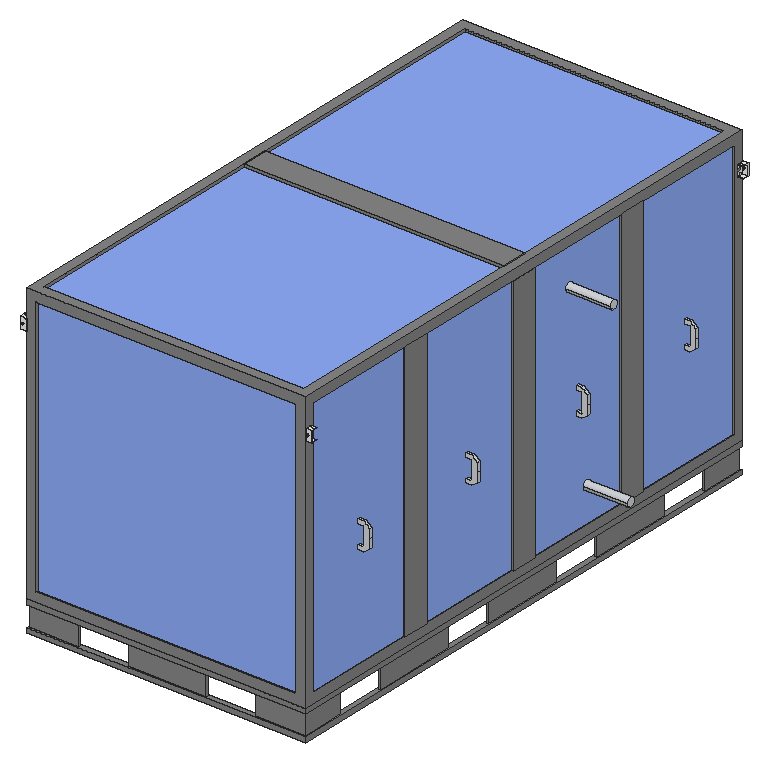
Revit family "34. Секция фильтрования, вод. нагр. и вент. выброс прямо и резервным эл.двигателем ANR A1 REZ", category Оборудование, Revit 2016
Family settings
  Тип детали = Нормальный
  Размер круглого соединителя = Использовать диаметр
  На основе рабочей плоскости = Нет
  Всегда вертикально = Да
  При загрузке вырезать с полостями = Нет
  Общий = Нет
  Точка расчета площади = Нет
Parameters (values of type "ANR 6 A1 REZ")
  Ширина = А - 75 mm  # 1025 mm
  Синий = Синий
  Середина = h + Б1 / 2  # 670 mm
  Размер В = 735 mm
  Г = 85 mm  # constant formula
  Д3 = Д1 / 8  # 266.25 mm
  Д2 = Д1 / 4  # 532.5 mm
  Д1 = Д - 20 mm  # 2130 mm
  Д = 2150 mm  # constant formula
  ножки(да/нет) [instance] = no
  Высота = Б - 75 mm  # 1025 mm
  Б1 = Б - 20 mm  # 1080 mm
  А1 = А - 20 mm  # 1080 mm
  А = 1100 mm
  высота ножек = 120 mm
  Б = 1100 mm
  Частотный преобразователь [instance] = no
  Частота вращения n, об/мин = ""
  Тип, марка, обозначение = "ANR 6 A1 REZ"
  Сила тока J, А = ""
  Регулятор расхода [instance] = no
  Раздел = "ОВ"
  Примечание = ""
  Позиция = ""
  Напряжение U,В = ""
  Наименование и тех.хар-ка = "Секция фильтрования EU4, водяного нагрева вместе с вентилятором выброс прямо и резервным эл.двигателем"  # constant formula
  Мощность двигателя N,Вт = ""
  Материал = Сталь серая
  Масса единицы = ""
  Код, оборудования = ""
  Ключевая пометка = "Вентиляция"
  Задание электрикам [instance] = no
  Задание автоматчикам [instance] = no
  Завод изготовитель = "KORF"  # constant formula
  Единица измерения = "шт."  # constant formula
  h = высота ножек + 10 mm  # 130 mm
  d = 31.8 mm
Types (4, lengths in mm): name | Ширина | Середина | Размер В | Высота | Б1 | А1 | А | Б | Тип, марка, обозначение | d
  ANR 6 A1 REZ | 1025 | 670 | 735 | 1025 | 1080 | 1080 | 1100 | 1100 | "ANR 6 A1 REZ" | 31.8
  ANR 7 A1 REZ | 1025 | 780 | 985 | 1245 | 1300 | 1080 | 1100 | 1320 | "ANR 7 A1 REZ" | 38.1
  ANR 8 A1 REZ | 1245 | 780 | 985 | 1245 | 1300 | 1300 | 1320 | 1320 | "ANR 8 A1 REZ" | 38.1
  ANR 12 A1 REZ | 1360 | 837.5 | 1060 | 1360 | 1415 | 1415 | 1435 | 1435 | "ANR 12 A1 REZ" | 50.8
Reference planes
  plane 1 "По центру (Вперед/Назад)": y = 0
  plane 2: z = 0
  plane 3 "По центру (Влево/Вправо)": x = 0
  plane 4: x = -540
  plane 5: x = 540
  plane 6: y = 1065
  plane 7: y = -1065
  plane 8: z = 1210
  plane 9: z = 130
  plane 10: z = 670
  plane 11: z = 1110
  plane 12: x = 590
  plane 13: z = 1220
  plane 14: x = 725
  plane 15: y = -532.5
  plane 16: y = 532.5
  plane 17: y = -480.5
  plane 18: y = -584.474
  plane 19: y = 480.5
  plane 20: y = 584.5
  plane 21: y = 798.75
  plane 22: y = -798.75
  plane 23: x = 550
  plane 24: y = 898.75
  plane 25: y = 698.75
  plane 26: y = -898.75
  plane 27: y = -698.75
  plane 28: z = 120
  plane 29: y = 266.25
  plane 30: y = -266.25
  plane 31: y = 52
  plane 32: y = -52
  plane 33: y = -366.25
  plane 34: y = -166.25
  plane 35: y = 166.25
  plane 36: y = 366.25
  plane 37: x = -550
  plane 38: y = 223.75
  plane 39: y = 308.75
  plane 40: z = 1037.5
  plane 41: z = 302.5
Forms (mm)
  Extrusion 1, solid, material "Синий" <- "Синий", detail levels fine
    sketch origin (0, 0, 50) x (1, 0, 0) y (0, 1, 0)
      loop
        line (-540, 1065) -> (-540, -1065) -> (540, -1065) -> (540, 1065) -> (-540, 1065)
    from 80 to 1160
  Sweep 2, solid, material "Сталь серая" <- "Материал", detail levels fine
    path origin (540, -1065, 50) x (-1, 0, 0) y (0, 0, -1)
      loop
        line (0, -1160) -> (1080, -1160) -> (1080, -80) -> (0, -80) -> (0, -1160)
    profile "Профиль уголок 10х10 : Профиль уголок 10х10" origin (0, -1065, 1210) x (0, 0, -1) y (0, -1, 0)
      loop
        line (0, -27.5) -> (0, 0) -> (27.5, 0) -> (27.5, 10) -> (-10, 10) -> (-10, -27.5) -> (0, -27.5)
  Sweep 3, solid, material "Сталь серая" <- "Материал", detail levels fine
    path origin (-540, 1065, 50) x (1, 0, 0) y (0, 0, -1)
      loop
        line (0, -1160) -> (1080, -1160) -> (1080, -80) -> (0, -80) -> (0, -1160)
    profile "Профиль уголок 10х10 : Профиль уголок 10х10" origin (0, 1065, 1210) x (0, 0, -1) y (0, 1, 0)
      loop
        line (0, -27.5) -> (0, 0) -> (27.5, 0) -> (27.5, 10) -> (-10, 10) -> (-10, -27.5) -> (0, -27.5)
  Sweep 4, solid, material "Сталь серая" <- "Материал", detail levels fine
    path origin (540, 1065, 50) x (0, -1, 0) y (0, 0, -1)
      loop
        line (0, -1160) -> (2130, -1160) -> (2130, -80) -> (0, -80) -> (0, -1160)
    profile "Профиль уголок 10х10 : Профиль уголок 10х10" origin (540, 0, 1210) x (0, 0, -1) y (1, 0, 0)
      loop
        line (0, -27.5) -> (0, 0) -> (27.5, 0) -> (27.5, 10) -> (-10, 10) -> (-10, -27.5) -> (0, -27.5)
  Sweep 5, solid, material "Сталь серая" <- "Материал", detail levels fine
    path origin (-540, -1065, 50) x (0, 1, 0) y (0, 0, -1)
      loop
        line (0, -1160) -> (2130, -1160) -> (2130, -80) -> (0, -80) -> (0, -1160)
    profile "Профиль уголок 10х10 : Профиль уголок 10х10" origin (-540, 0, 1210) x (0, 0, -1) y (-1, 0, 0)
      loop
        line (0, -27.5) -> (0, 0) -> (27.5, 0) -> (27.5, 10) -> (-10, 10) -> (-10, -27.5) -> (0, -27.5)
  Extrusion 6, void, not visible
    sketch origin (-345, -245, 50) x (0, -1, 0) y (0, 0, -1)
      loop
        line (-477.965, -475) -> (-477.965, -450) -> (-528.913, -450) -> (-528.913, -475) -> (-477.965, -475)
    from -47.452 to 12
  Sweep 7, solid, material "Сталь серая" <- "Материал", detail levels fine
    path origin (0, 0, 0) x (1, 0, 0) y (0, 1, 0)
      loop
        line (-540, 1065) -> (-540, -1065) -> (540, -1065) -> (540, 1065) -> (-540, 1065)
    profile "Семейство1 : Семейство1" origin (0, 1065, 0) x (0, 1, 0) y (0, 0, 1)
      loop
        line (-10, 120) -> (-10, 100) -> (-3.38, 100) -> (-3.38, 20) -> (-10, 20) -> (-10, 0) -> (10, 0) -> (10, 20) -> (3.38, 20) -> (3.38, 100) -> (10, 100) -> (10, 120) -> (-10, 120)
  Extrusion 8, void
    sketch origin (0, 0, 0) x (1, 0, 0) y (0, 0, 1)
      loop
        line (152.369, 100) -> (152.369, 20) -> (348.798, 20) -> (348.798, 100) -> (152.369, 100)
      loop
        line (-152.369, 100) -> (-348.798, 100) -> (-348.798, 20) -> (-152.369, 20) -> (-152.369, 100)
    from -1075 to 1075
  Extrusion 9, solid, material "Сталь серая" <- "Материал", detail levels fine
    sketch origin (560, -260, 0) x (0, 1, 0) y (0, 0, 1)
      loop
        line (-324.474, 1182.5) -> (-324.474, 157.5) -> (-220.5, 157.5) -> (-220.5, 1182.5) -> (-324.474, 1182.5)
    from -10 to -20
  Extrusion 10, solid, material "Сталь серая" <- "Материал", detail levels fine
    sketch origin (560, 262.3, -4.8) x (0, 1, 0) y (0, 0, 1)
      loop
        line (218.2, 1187.3) -> (218.2, 162.3) -> (322.2, 162.3) -> (322.2, 1187.3) -> (218.2, 1187.3)
    from -10 to -20
  Extrusion 11, solid, material "Сталь серая" <- "Материал", detail levels fine
    sketch origin (560, -237.9, -24.6) x (0, 1, 0) y (0, 0, 1)
      loop
        line (185.9, 1207.1) -> (185.9, 182.1) -> (289.9, 182.1) -> (289.9, 1207.1) -> (185.9, 1207.1)
    from -10 to -20
  Extrusion 12, solid, material "Сталь серая" <- "Материал", detail levels fine
    sketch origin (0, 0, 0) x (1, 0, 0) y (0, 1, 0)
      loop
        line (-512.5, 52) -> (-512.5, -52) -> (512.5, -52) -> (512.5, 52) -> (-512.5, 52)
    from 1210 to 1220
  Extrusion 13, void
    sketch origin (0, 0, 0) x (0, 1, 0) y (0, 0, 1)
      loop
        line (-898.75, 100) -> (-898.75, 20) -> (-698.75, 20) -> (-698.75, 100) -> (-898.75, 100)
      loop
        line (-366.25, 100) -> (-366.25, 20) -> (-166.25, 20) -> (-166.25, 100) -> (-366.25, 100)
      loop
        line (166.25, 100) -> (166.25, 20) -> (366.25, 20) -> (366.25, 100) -> (166.25, 100)
      loop
        line (698.75, 100) -> (698.75, 20) -> (898.75, 20) -> (898.75, 100) -> (698.75, 100)
    from -550 to 550
  Extrusion 14, solid, detail levels fine
    sketch origin (0, 0, 0) x (0, 1, 0) y (0, 0, 1)
      loop
        circle (223.75, 1037.5) r 15.9
    from 550 to 725
  Extrusion 15, solid, detail levels fine
    sketch origin (0, 0, 0) x (0, 1, 0) y (0, 0, 1)
      loop
        circle (308.75, 302.5) r 15.9
    from 550 to 725
Cuts and joins
  joined: Sweep 2, Sweep 3, Sweep 4, Sweep 5
  Extrusion 8, Extrusion 13 cuts Sweep 7
Lines and regions (mm)
  model lines, detail levels coarse
    curve 1: line (-550, 1075, 0) -> (550, 1075, 0)
    curve 2: line (-550, -1075, 0) -> (-550, 1075, 0)
    curve 3: line (550, -1075, 0) -> (-550, -1075, 0)
    curve 4: line (550, 1075, 0) -> (550, -1075, 0)
    curve 5: line (-550, 0, 0) -> (550, 0, 0)
    curve 6: line (-474.978, 710.8, 0) -> (-449.978, 710.8, 0)
    curve 7: line (-449.978, 710.8, 0) -> (-419.589, 883.141, 0)
    curve 8: line (-419.589, 883.141, 0) -> (-369.589, 883.141, 0)
    curve 9: line (-339.201, 710.8, 0) -> (-369.589, 883.141, 0)
    curve 10: line (-339.201, 710.8, 0) -> (-314.201, 710.8, 0)
    curve 11: line (-314.201, 710.8, 0) -> (-283.813, 883.141, 0)
    curve 12: line (-283.813, 883.141, 0) -> (-233.813, 883.141, 0)
    curve 13: line (-203.424, 710.8, 0) -> (-233.813, 883.141, 0)
    curve 14: line (-203.424, 710.8, 0) -> (-178.424, 710.8, 0)
    curve 15: line (-178.424, 710.8, 0) -> (-148.036, 883.141, 0)
    curve 16: line (-148.036, 883.141, 0) -> (-98.036, 883.141, 0)
    curve 17: line (-67.647, 710.8, 0) -> (-98.036, 883.141, 0)
    curve 18: line (-67.647, 710.8, 0) -> (-42.647, 710.8, 0)
    curve 19: line (-42.647, 710.8, 0) -> (-12.259, 883.141, 0)
    curve 20: line (-12.259, 883.141, 0) -> (37.741, 883.141, 0)
    curve 21: line (68.13, 710.8, 0) -> (37.741, 883.141, 0)
    curve 22: line (68.13, 710.8, 0) -> (93.13, 710.8, 0)
    curve 23: line (93.13, 710.8, 0) -> (123.518, 883.141, 0)
    curve 24: line (123.518, 883.141, 0) -> (173.518, 883.141, 0)
    curve 25: line (203.906, 710.8, 0) -> (173.518, 883.141, 0)
    curve 26: line (203.906, 710.8, 0) -> (228.906, 710.8, 0)
    curve 27: line (228.906, 710.8, 0) -> (259.295, 883.141, 0)
    curve 28: line (259.295, 883.141, 0) -> (309.295, 883.141, 0)
    curve 29: line (339.683, 710.8, 0) -> (309.295, 883.141, 0)
    curve 30: line (339.683, 710.8, 0) -> (364.683, 710.8, 0)
    curve 31: line (364.683, 710.8, 0) -> (395.072, 883.141, 0)
    curve 32: line (395.072, 883.141, 0) -> (445.072, 883.141, 0)
    curve 33: line (475.46, 710.8, 0) -> (445.072, 883.141, 0)
    curve 62: circle (0, 308.75, 0) r 170 normal (0, 0, 1)
    curve 63: line (0, 478.75, 0) -> (0, 138.75, 0)
    curve 64: line (-170, 308.75, 0) -> (170, 308.75, 0)
    curve 65: circle (0, -584.474, 0) r 228.551 normal (0, 0, 1)
    curve 66: line (-203.531, -480.5, 0) -> (0, -813.026, 0)
    curve 67: line (203.531, -480.5, 0) -> (0, -813.026, 0)
    curve 68: line (-203.531, -480.5, 0) -> (203.531, -480.5, 0)
    curve 73: line (0, 532.5, 1220) -> (0, 532.5, 0)
    curve 74: line (0, 0, 0) -> (0, 0, 1220)
  model lines, not visible, detail levels coarse
    curve 34: line (-474.978, 710.8, 0) -> (-449.978, 710.8, 0)
    curve 35: line (-449.978, 710.8, 0) -> (-419.589, 883.141, 0)
    curve 36: line (-419.589, 883.141, 0) -> (-369.589, 883.141, 0)
    curve 37: line (-339.201, 710.8, 0) -> (-369.589, 883.141, 0)
    curve 38: line (-339.201, 710.8, 0) -> (-314.201, 710.8, 0)
    curve 39: line (-314.201, 710.8, 0) -> (-283.813, 883.141, 0)
    curve 40: line (-283.813, 883.141, 0) -> (-233.813, 883.141, 0)
    curve 41: line (-203.424, 710.8, 0) -> (-233.813, 883.141, 0)
    curve 42: line (-203.424, 710.8, 0) -> (-178.424, 710.8, 0)
    curve 43: line (-178.424, 710.8, 0) -> (-148.036, 883.141, 0)
    curve 44: line (-148.036, 883.141, 0) -> (-98.036, 883.141, 0)
    curve 45: line (-67.647, 710.8, 0) -> (-98.036, 883.141, 0)
    curve 46: line (-67.647, 710.8, 0) -> (-42.647, 710.8, 0)
    curve 47: line (-42.647, 710.8, 0) -> (-12.259, 883.141, 0)
    curve 48: line (-12.259, 883.141, 0) -> (37.741, 883.141, 0)
    curve 49: line (68.13, 710.8, 0) -> (37.741, 883.141, 0)
    curve 50: line (68.13, 710.8, 0) -> (93.13, 710.8, 0)
    curve 51: line (93.13, 710.8, 0) -> (123.518, 883.141, 0)
    curve 52: line (123.518, 883.141, 0) -> (173.518, 883.141, 0)
    curve 53: line (203.906, 710.8, 0) -> (173.518, 883.141, 0)
    curve 54: line (203.906, 710.8, 0) -> (228.906, 710.8, 0)
    curve 55: line (228.906, 710.8, 0) -> (259.295, 883.141, 0)
    curve 56: line (259.295, 883.141, 0) -> (309.295, 883.141, 0)
    curve 57: line (339.683, 710.8, 0) -> (309.295, 883.141, 0)
    curve 58: line (339.683, 710.8, 0) -> (364.683, 710.8, 0)
    curve 59: line (364.683, 710.8, 0) -> (395.072, 883.141, 0)
    curve 60: line (395.072, 883.141, 0) -> (445.072, 883.141, 0)
    curve 61: line (475.46, 710.8, 0) -> (445.072, 883.141, 0)
  model lines, detail levels medium
    curve 69: line (0, -1075, 1220) -> (0, 1065, 1220)
    curve 70: line (0, -1075, 0) -> (0, -1075, 1220)
    curve 71: line (0, 1065, 0) -> (0, -1075, 0)
    curve 72: line (0, 1065, 1220) -> (0, 1065, 0)
    curve 75: line (0, 870.373, 1167.516) -> (0, 870.373, 1147.516)
    curve 76: line (0, 870.373, 1147.516) -> (0, 684.525, 1108.013)
    curve 77: line (0, 684.525, 1108.013) -> (0, 684.525, 1028.013)
    curve 78: line (0, 870.373, 988.51) -> (0, 684.525, 1028.013)
    curve 79: line (0, 870.373, 988.51) -> (0, 870.373, 968.51)
    curve 80: line (0, 870.373, 968.51) -> (0, 684.525, 929.006)
    curve 81: line (0, 684.525, 929.006) -> (0, 684.525, 849.006)
    curve 82: line (0, 870.373, 809.503) -> (0, 684.525, 849.006)
    curve 83: line (0, 870.373, 809.503) -> (0, 870.373, 789.503)
    curve 84: line (0, 870.373, 789.503) -> (0, 684.525, 750)
    curve 85: line (0, 684.525, 750) -> (0, 684.525, 670)
    curve 86: line (0, 870.373, 630.497) -> (0, 684.525, 670)
    curve 87: line (0, 870.373, 630.497) -> (0, 870.373, 610.497)
    curve 88: line (0, 870.373, 610.497) -> (0, 684.525, 570.994)
    curve 89: line (0, 684.525, 570.994) -> (0, 684.525, 490.994)
    curve 90: line (0, 870.373, 451.49) -> (0, 684.525, 490.994)
    curve 91: line (0, 870.373, 451.49) -> (0, 870.373, 431.49)
    curve 92: line (0, 870.373, 431.49) -> (0, 684.525, 391.987)
    curve 93: line (0, 684.525, 391.987) -> (0, 684.525, 311.987)
    curve 94: line (0, 870.373, 272.484) -> (0, 684.525, 311.987)
    curve 95: line (0, 870.373, 272.484) -> (0, 870.373, 252.484)
    curve 96: line (0, 870.373, 252.484) -> (0, 684.525, 212.981)
    curve 97: line (0, 684.525, 212.981) -> (0, 684.525, 132.981)
    curve 98: line (0, 870.373, 93.477) -> (0, 684.525, 132.981)
    curve 99: line (0, 870.373, 93.477) -> (0, 870.373, 68.477)
    curve 125: circle (0, 266.25, 670) r 161.814 normal (1, 0, 0)
    curve 126: line (0, 266.25, 831.814) -> (0, 266.25, 508.186)
    curve 127: line (0, 104.436, 670) -> (0, 428.064, 670)
    curve 128: circle (0, -532.5, 670) r 260 normal (1, 0, 0)
    curve 129: line (0, -532.5, 930) -> (0, -752.993, 532.221)
    curve 130: line (0, -532.5, 930) -> (0, -312.007, 532.221)
    curve 131: line (0, -752.993, 532.221) -> (0, -312.007, 532.221)
  model lines, not visible, detail levels medium
    curve 100: line (0, 895.834, 1313.662) -> (0, 895.834, 1293.662)
    curve 101: line (0, 895.834, 1293.662) -> (0, 709.986, 1254.159)
    curve 102: line (0, 709.986, 1254.159) -> (0, 709.986, 1174.159)
    curve 103: line (0, 895.834, 1134.656) -> (0, 709.986, 1174.159)
    curve 104: line (0, 895.834, 1134.656) -> (0, 895.834, 1114.656)
    curve 105: line (0, 895.834, 1114.656) -> (0, 709.986, 1075.153)
    curve 106: line (0, 709.986, 1075.153) -> (0, 709.986, 995.153)
    curve 107: line (0, 895.834, 955.65) -> (0, 709.986, 995.153)
    curve 108: line (0, 895.834, 955.65) -> (0, 895.834, 935.65)
    curve 109: line (0, 895.834, 935.65) -> (0, 709.986, 896.146)
    curve 110: line (0, 709.986, 896.146) -> (0, 709.986, 816.146)
    curve 111: line (0, 895.834, 776.643) -> (0, 709.986, 816.146)
    curve 112: line (0, 895.834, 776.643) -> (0, 895.834, 756.643)
    curve 113: line (0, 895.834, 756.643) -> (0, 709.986, 717.14)
    curve 114: line (0, 709.986, 717.14) -> (0, 709.986, 637.14)
    curve 115: line (0, 895.834, 597.637) -> (0, 709.986, 637.14)
    curve 116: line (0, 895.834, 597.637) -> (0, 895.834, 577.637)
    curve 117: line (0, 895.834, 577.637) -> (0, 709.986, 538.133)
    curve 118: line (0, 709.986, 538.133) -> (0, 709.986, 458.133)
    curve 119: line (0, 895.834, 418.63) -> (0, 709.986, 458.133)
    curve 120: line (0, 895.834, 418.63) -> (0, 895.834, 398.63)
    curve 121: line (0, 895.834, 398.63) -> (0, 709.986, 359.127)
    curve 122: line (0, 709.986, 359.127) -> (0, 709.986, 279.127)
    curve 123: line (0, 895.834, 239.624) -> (0, 709.986, 279.127)
    curve 124: line (0, 895.834, 239.624) -> (0, 895.834, 214.624)
Dimensions and locks
  equal spacing: plane 6, plane 1 "По центру (Вперед/Назад)", plane 7
  "Д1": plane 6 to plane 7
  equal spacing: plane 4, plane 3 "По центру (Влево/Вправо)", plane 5
  "А1": plane 4 to plane 5
  "h": plane 9 to level
  "Б1": plane 8 to plane 9
  cut or joined group of Sweep 2, Sweep 3, Sweep 4, Sweep 5 to level = 120 mm
  locked: plane 3 "По центру (Влево/Вправо)" to cut or joined group of Sweep 7, Extrusion 8, Extrusion 13 at 152.369
  locked: cut or joined group of Sweep 7, Extrusion 8, Extrusion 13 to plane 3 "По центру (Влево/Вправо)" at 152.369
  "Середина": plane 10 to level
  Extrusion 9 sketch curve to Extrusion 9 sketch curve to plane 1 "По центру (Вперед/Назад)" = 103.974 mm, 480.5 mm
  locked: plane 8 to plane 11 at 100
  locked: plane 12 to plane 5 at 50
  plane 1 "По центру (Вперед/Назад)" to plane 7 = 1065 mm
  plane 6 to plane 1 "По центру (Вперед/Назад)" = 1065 mm
  locked: plane 13 to plane 8 at 10
  locked: plane 14 to plane 5 at 185
  "Д2": plane 7 to plane 15
  "Д2": plane 16 to plane 6
  plane 18 to plane 15 to plane 17 = 51.974 mm locked, 52 mm locked
  Extrusion 10 sketch curve to Extrusion 10 sketch curve = 104 mm
  plane 19 to plane 16 to plane 20 = 52 mm locked, 52 mm locked
  "Д3": plane 21 to plane 6
  "Д3": plane 7 to plane 22
  locked: plane 23 to plane 5 at 10
  locked: plane 25 to plane 24 at 200
  equal spacing: plane 25, plane 21, plane 24
  equal spacing: plane 26, plane 22, plane 27
  locked: plane 26 to plane 27 at 200
  locked: plane 9 to plane 28 at 10
  "Д3": plane 30 to plane 1 "По центру (Вперед/Назад)"
  "Д3": plane 1 "По центру (Вперед/Назад)" to plane 29
  plane 32 to plane 1 "По центру (Вперед/Назад)" to plane 31 = 52 mm locked, 52 mm locked
  Extrusion 11 sketch curve to Extrusion 11 sketch curve = 104 mm
  equal spacing: plane 35, plane 29, plane 36
  equal spacing: plane 33, plane 30, plane 34
  locked: plane 33 to plane 34 at 200
  locked: plane 35 to plane 36 at 200
  locked: plane 37 to plane 4 at 10
  equal spacing: plane 40, plane 10, plane 41
  "Размер В": plane 40 to plane 41
  equal spacing: plane 38, plane 29, plane 39
  "Г": plane 38 to plane 39
  "d": diameter of Extrusion 14 sketch curve
  "d": diameter of Extrusion 15 sketch curve
  aligned and locked: level to plane 2
  aligned and locked: plane 6 to Extrusion 1
  aligned and locked: Extrusion 1 to plane 5
  aligned and locked: Extrusion 1 to plane 7
  aligned and locked: Extrusion 1 to plane 4
  aligned and locked: plane 8 to Extrusion 1
  aligned and locked: Extrusion 1 to plane 9
  aligned and locked: Sweep 4 sketch curve to Extrusion 1  (x2)
  aligned and locked: Sweep 5 sketch curve to Extrusion 1  (x2)
  aligned and locked: Sweep 7 sketch curve to Extrusion 1  (x4)
  aligned and locked: Sweep 7 to Extrusion 8  (x2)
  aligned and locked: Extrusion 9 to cut or joined group of Sweep 2, Sweep 3, Sweep 4, Sweep 5  (x4)
  aligned and locked: nested 3 to cut or joined group of Sweep 2, Sweep 3, Sweep 4, Sweep 5  (x2)
  aligned and locked: nested 3 to plane 11
  aligned and locked: nested 4 to plane 11
  aligned and locked: cut or joined group of Sweep 2, Sweep 3, Sweep 4, Sweep 5 to nested 4  (x2)
  aligned and locked: cut or joined group of Sweep 2, Sweep 3, Sweep 4, Sweep 5 to nested 3
  aligned and locked: cut or joined group of Sweep 2, Sweep 3, Sweep 4, Sweep 5 to nested 6
  aligned and locked: nested 5 to cut or joined group of Sweep 2, Sweep 3, Sweep 4, Sweep 5
  aligned and locked: plane 11 to nested 6
  aligned and locked: plane 11 to nested 5
  aligned and locked: Extrusion 9 to Extrusion 1
  aligned and locked: nested 2 to plane 12
  aligned and locked: nested 6 to cut or joined group of Sweep 2, Sweep 3, Sweep 4, Sweep 5
  aligned and locked: cut or joined group of Sweep 2, Sweep 3, Sweep 4, Sweep 5 to nested 5
  aligned and locked: nested 2 to plane 10  (x2)
  aligned and locked: nested 7 to plane 10  (x2)
  aligned and locked: nested 7 to plane 12  (x2)
  aligned and locked: plane 18 to Extrusion 9
  aligned and locked: Extrusion 9 to plane 17
  aligned and locked: plane 19 to Extrusion 10
  aligned and locked: Extrusion 10 to plane 20
  aligned and locked: Extrusion 10 to cut or joined group of Sweep 2, Sweep 3, Sweep 4, Sweep 5  (x2)
  aligned and locked: nested 7 to plane 21
  aligned and locked: nested 2 to plane 22
  aligned and locked: nested 8 to plane 12
  aligned and locked: plane 12 to nested 7
  aligned and locked: Extrusion 10 to Extrusion 9
  aligned and locked: Extrusion 10 to plane 5
  aligned and locked: Extrusion 9 to plane 23
  aligned and locked: nested 9 to plane 29
  aligned and locked: nested 9 to plane 10
  aligned and locked: nested 8 to plane 30
  aligned and locked: nested 8 to plane 10
  aligned and locked: Extrusion 11 to plane 32
  aligned and locked: Extrusion 11 to plane 31
  aligned and locked: Extrusion 11 to cut or joined group of Sweep 2, Sweep 3, Sweep 4, Sweep 5  (x2)
  aligned and locked: plane 31 to Extrusion 12
  aligned and locked: Extrusion 12 to plane 32
  aligned and locked: Extrusion 12 to cut or joined group of Sweep 2, Sweep 3, Sweep 4, Sweep 5  (x2)
  aligned and locked: plane 13 to Extrusion 12
  aligned and locked: Extrusion 12 to plane 8
  aligned and locked: nested 9 to plane 12
  aligned and locked: plane 5 to Extrusion 11
  aligned and locked: Extrusion 11 to plane 23
  aligned and locked: Extrusion 13 to cut or joined group of Sweep 7, Extrusion 8, Extrusion 13  (x2)
  aligned and locked: Extrusion 13 to plane 26
  aligned and locked: plane 27 to Extrusion 13
  aligned and locked: plane 33 to Extrusion 13
  aligned and locked: Extrusion 13 to plane 34
  aligned and locked: plane 35 to Extrusion 13
  aligned and locked: plane 36 to Extrusion 13
  aligned and locked: Extrusion 13 to plane 25
  aligned and locked: plane 24 to Extrusion 13
  aligned and locked: Extrusion 13 to plane 23
  aligned and locked: plane 37 to Extrusion 13
  aligned and locked: plane 14 to Extrusion 15
  aligned and locked: plane 14 to Extrusion 14
  aligned and locked: plane 23 to Extrusion 14
  aligned and locked: plane 23 to Extrusion 15
  aligned and locked: curve 1 to cut or joined group of Sweep 2, Sweep 3, Sweep 4, Sweep 5
  aligned and locked: curve 2 to cut or joined group of Sweep 2, Sweep 3, Sweep 4, Sweep 5
  aligned and locked: curve 3 to cut or joined group of Sweep 7, Extrusion 8, Extrusion 13
  aligned and locked: curve 4 to cut or joined group of Sweep 2, Sweep 3, Sweep 4, Sweep 5
  aligned and locked: plane 1 "По центру (Вперед/Назад)" to curve 5
  aligned and locked: curve 69 to cut or joined group of Sweep 2, Sweep 3, Sweep 4, Sweep 5
  aligned and locked: curve 70 to cut or joined group of Sweep 2, Sweep 3, Sweep 4, Sweep 5
  aligned and locked: curve 71 to curve 2
  aligned and locked: curve 72 to plane 6
  aligned and locked: curve 73 to plane 16
  aligned and locked: curve 74 to plane 1 "По центру (Вперед/Назад)"
  aligned and locked: plane 10 to curve 86
Automatic sketch dimensions
  Extrusion 6 sketch curve to Extrusion 6 sketch curve = 50.949 mm
  Extrusion 6 sketch curve to Extrusion 6 sketch curve = 25 mm
  plane 17 to curve 68 = 0 mm
  plane 39 to curve 64 = 0 mm
  curve 65 to plane 3 "По центру (Влево/Вправо)" = 0 mm
  curve 62 to plane 3 "По центру (Влево/Вправо)" = 0 mm
  curve 63 to plane 3 "По центру (Влево/Вправо)" = 0 mm
  curve 67 to plane 3 "По центру (Влево/Вправо)" = 0 mm
  plane 17 to curve 67 = 0 mm
  plane 18 to curve 65 = 0 mm
  plane 39 to curve 62 = 0 mm
  curve 68 to plane 3 "По центру (Влево/Вправо)" = 203.531 mm
  curve 64 to curve 62 = 170 mm
  Extrusion 1 sketch curve to plane 4 = 0 mm
  Extrusion 1 sketch curve to plane 5 = 0 mm
  Extrusion 1 sketch curve to plane 7 = 0 mm
  Extrusion 1 sketch curve to plane 6 = 0 mm
  Sweep 2 sketch curve to Extrusion 1 = 0 mm  (x4)
  Sweep 3 sketch curve to Extrusion 1 = 0 mm  (x3)
  Extrusion 1 to Sweep 3 sketch curve = 0 mm
  Sweep 4 sketch curve to Extrusion 1 = 0 mm  (x2)
  Sweep 5 sketch curve to Extrusion 1 = 0 mm  (x2)
  plane 28 to Extrusion 8 sketch curve = 20 mm  (x2)
  plane 4 to Extrusion 8 sketch curve = 191.202 mm
  level to Extrusion 8 sketch curve = 20 mm  (x2)
  Extrusion 8 sketch curve to plane 3 "По центру (Влево/Вправо)" = 152.369 mm
  plane 3 "По центру (Влево/Вправо)" to Extrusion 8 sketch curve = 152.369 mm
  Extrusion 8 sketch curve to plane 5 = 191.202 mm
  plane 9 to Extrusion 9 sketch curve = 27.5 mm
  Extrusion 9 sketch curve to plane 8 = 27.5 mm
  Extrusion 10 sketch curve to plane 19 = 0 mm
  plane 9 to Extrusion 10 sketch curve = 27.5 mm
  Extrusion 10 sketch curve to plane 8 = 27.5 mm
  Extrusion 11 sketch curve to plane 32 = 0 mm
  plane 9 to Extrusion 11 sketch curve = 27.5 mm
  Extrusion 11 sketch curve to plane 8 = 27.5 mm
  Extrusion 12 sketch curve to plane 32 = 0 mm
  Extrusion 12 sketch curve to plane 31 = 0 mm
  plane 4 to Extrusion 12 sketch curve = 27.5 mm
  Extrusion 12 sketch curve to plane 5 = 27.5 mm
  Extrusion 13 sketch curve to plane 26 = 0 mm
  Extrusion 13 sketch curve to plane 27 = 0 mm
  Extrusion 13 sketch curve to plane 33 = 0 mm
  Extrusion 13 sketch curve to plane 34 = 0 mm
  Extrusion 13 sketch curve to plane 35 = 0 mm
  Extrusion 13 sketch curve to plane 36 = 0 mm
  Extrusion 13 sketch curve to plane 25 = 0 mm
  Extrusion 13 sketch curve to plane 24 = 0 mm
  level to Extrusion 13 sketch curve = 20 mm  (x4)
  plane 28 to Extrusion 13 sketch curve = 20 mm  (x4)
  curve 130 to plane 15 = 0 mm
  curve 129 to plane 15 = 0 mm
  curve 128 to plane 10 = 0 mm
  curve 128 to plane 15 = 0 mm
  curve 127 to plane 10 = 0 mm
  curve 126 to plane 29 = 0 mm
  curve 125 to plane 10 = 0 mm
  curve 125 to plane 29 = 0 mm
  curve 130 to plane 30 = 45.757 mm
  curve 131 to plane 10 = 137.779 mm
  plane 31 to curve 127 = 52.436 mm
  curve 76 to curve 96 = 0 mm
  curve 94 to curve 96 = 0 mm
  curve 80 to curve 77 = 0 mm
  curve 90 to curve 92 = 0 mm
  curve 84 to curve 81 = 0 mm
  curve 85 to curve 87 = 185.848 mm
  curve 84 to curve 86 = 0 mm
  curve 90 to curve 87 = 0 mm
  curve 80 to curve 82 = 0 mm
  curve 94 to curve 91 = 0 mm
  curve 76 to curve 78 = 0 mm
  curve 98 to curve 95 = 0 mm
  curve 98 to curve 98 = 39.503 mm
  curve 97 to curve 96 = 80 mm
  curve 98 to curve 95 = 159.006 mm
  curve 95 to curve 95 = 20 mm
  curve 96 to curve 93 = 99.006 mm
  curve 93 to curve 92 = 80 mm
  curve 94 to curve 91 = 159.006 mm
  curve 91 to curve 91 = 20 mm
  curve 92 to curve 89 = 99.006 mm
  curve 89 to curve 88 = 80 mm
  curve 90 to curve 88 = 159.006 mm
  curve 87 to curve 86 = 20 mm
  curve 88 to curve 85 = 99.006 mm
  curve 85 to curve 84 = 80 mm
  curve 86 to curve 84 = 159.006 mm
  curve 83 to curve 82 = 20 mm
  curve 84 to curve 81 = 99.006 mm
  curve 81 to curve 81 = 80 mm
  curve 82 to curve 79 = 159.006 mm
  curve 79 to curve 78 = 20 mm
  curve 80 to curve 78 = 99.006 mm
  curve 77 to curve 76 = 80 mm
  curve 78 to curve 75 = 159.006 mm
  curve 99 to curve 98 = 25 mm
  curve 75 to curve 75 = 20 mm
  curve 101 to curve 121 = 0 mm
  curve 119 to curve 121 = 0 mm
  curve 105 to curve 102 = 0 mm
  curve 115 to curve 117 = 0 mm
  curve 109 to curve 106 = 0 mm
  curve 110 to curve 112 = 185.848 mm
  curve 109 to curve 111 = 0 mm
  curve 115 to curve 112 = 0 mm
  curve 105 to curve 107 = 0 mm
  curve 119 to curve 116 = 0 mm
  curve 101 to curve 103 = 0 mm
  curve 123 to curve 120 = 0 mm
  curve 123 to curve 123 = 39.503 mm
  curve 122 to curve 121 = 80 mm
  curve 123 to curve 120 = 159.006 mm
  curve 120 to curve 120 = 20 mm
  curve 121 to curve 118 = 99.006 mm
  curve 118 to curve 117 = 80 mm
  curve 119 to curve 116 = 159.006 mm
  curve 116 to curve 116 = 20 mm
  curve 117 to curve 114 = 99.006 mm
  curve 114 to curve 113 = 80 mm
  curve 115 to curve 113 = 159.006 mm
  curve 112 to curve 111 = 20 mm
  curve 113 to curve 110 = 99.006 mm
  curve 110 to curve 109 = 80 mm
  curve 111 to curve 109 = 159.006 mm
  curve 108 to curve 107 = 20 mm
  curve 109 to curve 106 = 99.006 mm
  curve 106 to curve 106 = 80 mm
  curve 107 to curve 104 = 159.006 mm
  curve 104 to curve 103 = 20 mm
  curve 105 to curve 103 = 99.006 mm
  curve 102 to curve 101 = 80 mm
  curve 103 to curve 100 = 159.006 mm
  curve 124 to curve 123 = 25 mm
  curve 100 to curve 100 = 20 mm
  Extrusion 14 sketch curve to plane 38 = 0 mm
  Extrusion 14 sketch curve to plane 40 = 0 mm
  Extrusion 15 sketch curve to plane 39 = 0 mm
  Extrusion 15 sketch curve to plane 41 = 0 mm
Nested families
  nested 1: "крепление 15мм" at (-330, 229.965, 495), type "крепление 15мм", not visible
  nested 2: "Ручка" at (552.018, -808.75, 621.108), type "Ручка", detail levels fine
  nested 3: "крепеж" at (574.5, -1075, 1065.175) x (-1, 0, 0) z (0, 0, 1), type "крепеж", detail levels fine
  nested 4: "крепеж" at (574.5, 1075, 1065.175) x (-1, 0, 0) z (0, 0, 1), type "крепеж", detail levels fine
  nested 5: "крепеж" at (-574.5, -1075, 1065.175), type "крепеж", detail levels fine
  nested 6: "крепеж" at (-574.5, 1075, 1065.175), type "крепеж", detail levels fine
  nested 7: "Ручка" at (552.018, 798.75, 621.108), type "Ручка", detail levels fine
  nested 8: "Ручка" at (552.018, -276.25, 621.108), type "Ручка", detail levels fine
  nested 9: "Ручка" at (552.018, 266.25, 621.108), type "Ручка", detail levels fine
Connectors
  hvac at (0, -1075, 670), driven by "Ширина", driven by "Высота"
    settings: on cut or joined group of Sweep 2, Sweep 3, Sweep 4, Sweep 5, index 3, duct flow 0.0 L/s, flow factor 0, pres drop 0.0 Pa, loss coef 0, conn angle 0.00°, conn width 1025 mm, conn height 1025 mm, conn diameter 609.6 mm, duct sys type 3, conn prof type 1, flow config 0, flow direction 0, loss method 0, conn ref index 4, conn util no, is conn primary yes, conn desc ""
  hvac at (0, 1075, 670), driven by "Ширина", driven by "Высота"
    settings: on cut or joined group of Sweep 2, Sweep 3, Sweep 4, Sweep 5, index 4, duct flow 0.0 L/s, flow factor 0, pres drop 0.0 Pa, loss coef 0, conn angle 0.00°, conn width 1025 mm, conn height 1025 mm, conn diameter 609.6 mm, duct sys type 3, conn prof type 1, flow config 0, flow direction 0, loss method 0, conn ref index 3, conn util no, is conn primary no, conn desc ""
  piping at (725, 223.75, 1037.5), diameter 31.8, driven by "d"
    settings: on Extrusion 14, index 5, connector inside diameter 609.6 mm, connector length 0 mm, flow factor 0, pipe flow 0.0 L/s, pressure drop 0.0 Pa, fitting loss kfactor 0, connector angle 0.00°, fixture units 0, engagement length 0 mm, angle of deflection 0.00°, flow configuration 0, flow direction 0, fitting loss method 0, system type 28, joint type 0, gender type 0, connector reference index -1, connector utility 0, adjustable connector no, is connector primary yes, connector description ""
  piping at (725, 308.75, 302.5), diameter 31.8, driven by "d"
    settings: on Extrusion 15, index 6, connector inside diameter 609.6 mm, connector length 0 mm, flow factor 0, pipe flow 0.0 L/s, pressure drop 0.0 Pa, fitting loss kfactor 0, connector angle 0.00°, fixture units 0, engagement length 0 mm, angle of deflection 0.00°, flow configuration 0, flow direction 0, fitting loss method 0, system type 28, joint type 0, gender type 0, connector reference index -1, connector utility 0, adjustable connector no, is connector primary no, connector description ""
Definition of nested family "крепление 15мм"
  Parameters (values of type "крепление 15мм")
    Материал крепления = none
  Reference planes
    plane 1 "По центру (Вперед/Назад)": y = 0
    plane 2: z = 0
    plane 3 "По центру (Влево/Вправо)": x = 0
  Forms (mm)
    Extrusion 1, solid, material <- "Материал крепления"
      sketch origin (0, 0, 0) x (1, 0, 0) y (0, 1, 0)
        loop
          line (-25, 0) -> (0, 0) -> (0, 18.31) -> (0, 25) -> (-3, 25) -> (-3, 3) -> (-25, 3) -> (-25, 0)
      from 0 to 30
    Extrusion 2, void
      sketch origin (0, 0, 0) x (1, 0, 0) y (0, 1, 0)
        loop
          line (-3, 3) -> (-3, 54.96) -> (-58, 54.96) -> (-58, 3) -> (-3, 3)
      from 0 to 15
  Cuts and joins
    Extrusion 2 cuts Extrusion 1
  Dimensions and locks
    Extrusion 1 sketch curve to Extrusion 1 sketch curve = 3 mm  (x2)
    Extrusion 1 sketch curve to Extrusion 1 sketch curve to plane 3 "По центру (Влево/Вправо)" = 25 mm, 0 mm
    Extrusion 1 sketch curve to Extrusion 1 sketch curve = 25 mm
    aligned and locked: level to plane 2
Definition of nested family "Ручка"
  Parameters (values of type "Ручка")
    материал ручки = none
  Reference planes
    plane 1 "По центру (Вперед/Назад)": y = 0
    plane 2: z = 0
    plane 3 "По центру (Влево/Вправо)": x = 0
    plane 4: x = -37.982
    plane 5: x = 37.982
  Forms (mm)
    Extrusion 1, solid, material <- "материал ручки", not visible
      sketch origin (-3.982, 0, -4.834) x (0, 0, 1) y (-1, 0, 0)
        loop
          line (-52.874, -42.815) -> (53.726, -42.815) -> (53.726, 8.783) -> (36.069, 34) -> (1.069, 34) -> (-36.069, 34) -> (-52.874, 10) -> (-52.874, -42.815)
      from 0 to 10
    Extrusion 2, void, not visible
      sketch origin (-3.982, 0, -4.834) x (0, 0, 1) y (-1, 0, 0)
        loop
          line (-37.219, -42.815) -> (37.781, -42.815) -> (37.781, 20.04) -> (-37.219, 20.04) -> (-37.219, -42.815)
      from 0 to 50
    Extrusion 3, solid, material <- "материал ручки"
      sketch origin (3.982, 0, -4.834) x (0, 0, 1) y (-1, 0, 0)
        loop
          line (-52.874, 42.815) -> (-52.874, -10) -> (-36.069, -34) -> (1.069, -34) -> (36.069, -34) -> (53.726, -8.783) -> (53.726, 42.815) -> (-52.874, 42.815)
      from 0 to 10
    Extrusion 4, void
      sketch origin (3.982, 0, -4.834) x (0, 0, 1) y (-1, 0, 0)
        loop
          line (-37.219, 42.815) -> (-37.219, -11.018) -> (37.781, -11.018) -> (37.781, 42.815) -> (-37.219, 42.815)
      from 0 to 50
  Cuts and joins
    Extrusion 4 cuts Extrusion 3
  Dimensions and locks
    aligned and locked: level to plane 2
Definition of nested family "крепеж"
  Parameters (values of type "крепеж")
    Материал крепежа = none
  Reference planes
    plane 1 "По центру (Вперед/Назад)": y = 0
    plane 2: z = 0
    plane 3 "По центру (Влево/Вправо)": x = 0
    plane 4: x = 24.5
    plane 5: z = 22.413
  Forms (mm)
    Extrusion 1, solid, material <- "Материал крепежа"
      sketch origin (0, 0, 0) x (0, 1, 0) y (0, 0, 1)
        loop
          line (0, 44.825) -> (-16.343, 44.825) -> (-24.468, 44.825) -> (-24.468, 42.95) -> (-1.968, 42.95) -> (-1.968, 1.657) -> (-24.468, 1.657) -> (-24.468, 0) -> (-16.343, 0) -> (0, 0) -> (0, 44.825)
      from 0 to 24.5
    Extrusion 2, void
      sketch origin (0.625, 0, -0.625) x (1, 0, 0) y (0, 0, 1)
        loop
          circle (11.121, 22.873) r 5
      from 0 to 250
    Extrusion 3, solid, material <- "Материал крепежа"
      sketch origin (0, 0, 0.175) x (1, 0, 0) y (0, 0, 1)
        loop
          line (24.5, 44.651) -> (22.651, 44.651) -> (22.651, -0.175) -> (24.5, -0.175) -> (24.5, 44.651)
      from 0 to 24.468
    Extrusion 4, void
      sketch origin (0, 0, 0) x (0, 1, 0) y (0, 0, 1)
        loop
          line (-24.468, 28.943) -> (-24.468, 15.882) -> (-9.468, 15.882) -> (-9.468, 28.943) -> (-24.468, 28.943)
      from 0 to 250
    Blend 5, solid
      base sketch origin (0, 0, 0) x (0, 1, 0) y (0, 0, 1)
        loop
          circle (-15.104, 36.823) r 4.161
      top sketch origin (0, 0, 0) x (0, 1, 0) y (0, 0, 1)
        loop
          circle (-15.104, 36.823) r 2.994
      from 22.651 to 19.241
    Blend 6, solid
      base sketch origin (0, 0, 44.825) x (0, 1, 0) y (0, 0, 1)
        loop
          circle (-15.104, -36.823) r 4.161
      top sketch origin (0, 0, 44.825) x (0, 1, 0) y (0, 0, 1)
        loop
          circle (-15.104, -36.823) r 2.994
      from 22.651 to 19.241
  Cuts and joins
    Extrusion 2, Extrusion 4 cuts Extrusion 1
    Extrusion 4 cuts Extrusion 3
    joined: Extrusion 1, Extrusion 3
  Dimensions and locks
    plane 3 "По центру (Влево/Вправо)" to plane 4 = 24.5 mm
    equal spacing: cut or joined group of Extrusion 1, Extrusion 2, Extrusion 3, Extrusion 4, plane 5, cut or joined group of Extrusion 1, Extrusion 2, Extrusion 3, Extrusion 4
    equal spacing: Extrusion 4 sketch curve, plane 5, Extrusion 4 sketch curve
    aligned and locked: level to plane 2
    aligned and locked: plane 4 to Extrusion 1
    aligned and locked: cut or joined group of Extrusion 1, Extrusion 2, Extrusion 3, Extrusion 4 to cut or joined group of Extrusion 1, Extrusion 2, Extrusion 3, Extrusion 4  (x3)
    aligned and locked: cut or joined group of Extrusion 1, Extrusion 2, Extrusion 3, Extrusion 4 to Blend 5
  Automatic sketch dimensions
    Extrusion 1 sketch curve to level = 0 mm
    Extrusion 1 sketch curve to plane 1 "По центру (Вперед/Назад)" = 0 mm
    plane 1 "По центру (Вперед/Назад)" to Extrusion 1 sketch curve = 1.968 mm
    Extrusion 1 sketch curve to Extrusion 1 sketch curve = 14.375 mm  (x2)
    level to Extrusion 1 sketch curve = 1.657 mm
    Extrusion 1 sketch curve to Extrusion 1 sketch curve = 8.125 mm  (x2)
    plane 5 to Extrusion 1 sketch curve = 20.538 mm
    Extrusion 1 sketch curve to Extrusion 1 sketch curve = 1.875 mm
    Extrusion 2 sketch curve to plane 5 = 0.165 mm
    plane 3 "По центру (Влево/Вправо)" to Extrusion 2 sketch curve = 11.746 mm
    Extrusion 3 sketch curve to level = 0 mm
    Extrusion 3 sketch curve to plane 4 = 0 mm
    Extrusion 3 sketch curve to Extrusion 3 sketch curve = 1.849 mm
    plane 5 to Extrusion 3 sketch curve = 22.413 mm
    Extrusion 4 sketch curve to plane 5 = 6.531 mm
    plane 1 "По центру (Вперед/Назад)" to Extrusion 4 sketch curve = 24.468 mm
    plane 1 "По центру (Вперед/Назад)" to Extrusion 4 sketch curve = 9.468 mm
    plane 1 "По центру (Вперед/Назад)" to Blend 5 sketch curve = 15.104 mm  (x2)
    plane 5 to Blend 5 sketch curve = 14.41 mm  (x2)
    Blend 6 sketch curve to plane 1 "По центру (Вперед/Назад)" = 15.104 mm  (x2)
    Blend 6 sketch curve to level = 8.002 mm  (x2)
    radius of Extrusion 2 sketch curve = 5 mm
    radius of Blend 5 sketch curve = 4.161 mm
    radius of Blend 5 sketch curve = 2.994 mm
    radius of Blend 6 sketch curve = 4.161 mm
    radius of Blend 6 sketch curve = 2.994 mm
